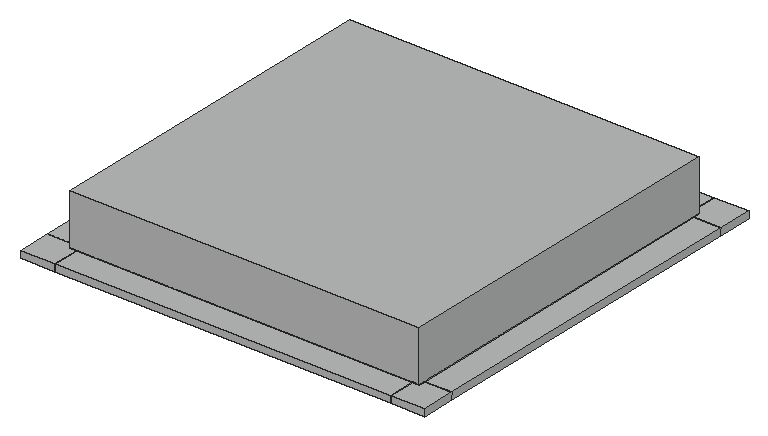
Revit family "ALUMOGIPS", category Осветительные приборы, Revit 2019 (continued)
Types (72, lengths in mm): name | Файл фотометрической сетки | built-in parameter 1150105 | Lumens | built-in parameter 1150106 | built-in parameter 1150142 | Wattage | Emit from Rectangle Width | Emit from Rectangle Length | Длина | Материал светильника | Ширина | ADSK_Ток | ADSK_Полная мощность | ADSK_Обозначение | ADSK_Номинальная мощность | ADSK_Наименование | ADSK_Масса | ADSK_Код изделия
     1400.568 1390.010 1377.085 1361.002 1342.947 1322.522 1300.026 1275.261 1248.621 1220.205 1189.817 1157.849 1124.598 1089.670 \r\n1053.460 1016.065 977.881 938.119 898.060 856.917 815.575 773.149 730.722 687.901 644.390 600.877 557.168 513.262 470.046 426.534 383.121 340.497 298.761 257.814 218.151 179.473 \r\n140.501 105.672 72.816 41.835 13.714 0.592 0.592 0.493 0.493 0.493 0.493 0.493 0.493 0.493 0.493 0.395 0.395 0.395 0.395 0.395 0.395 0.395 0.395 0.296 0.296 0.296 0.296 0.296 0.296 0.296 0.296 0.197 \r\n0.197 0.197 0.197 0.197 0.197 0.197 0.197 0.098 0.098 0.098 0.098 0.098 0.098 0.098 0.098 0.000 0.000 0.000 0.000 \r\n1417.637 1417.341 1413.986 1408.461 1400.271 1389.715 1376.789 1360.608 1342.552 1322.128 1299.632 1274.768 1248.128 1219.614 1189.224 1157.256 1123.907 1088.980 \r\n1052.868 1015.374 977.191 937.428 897.369 856.127 814.884 772.458 730.032 687.211 643.698 600.187 556.577 512.670 469.454 425.942 382.529 340.004 298.268 257.321 217.756 179.080 \r\n140.204 105.376 72.520 41.538 13.517 0.592 0.592 0.493 0.493 0.493 0.493 0.493 0.493 0.493 0.493 0.395 0.395 0.395 0.395 0.395 0.395 0.395 0.395 0.296 0.296 0.296 0.296 0.296 0.296 0.296 0.296 0.197 \r\n0.197 0.197 0.197 0.197 0.197 0.197 0.197 0.098 0.098 0.098 0.098 0.098 0.098 0.098 0.098 0.000 0.000 0.000 0.000 \r\n1417.637 1417.242 1413.789 1408.362 1400.075 1389.517 1376.394 1360.311 1342.157 1321.733 1299.138 1274.274 1247.536 1219.022 1188.632 1156.566 1123.315 1088.388 \r\n1052.177 1014.684 976.500 936.738 896.581 855.436 814.194 771.768 729.341 686.519 643.107 599.496 555.885 512.078 468.862 425.449 382.035 339.511 297.873 256.926 217.362 178.685 \r\n139.909 105.079 72.223 41.341 13.221 0.592 0.592 0.493 0.493 0.493 0.493 0.493 0.493 0.493 0.493 0.395 0.395 0.395 0.395 0.395 0.395 0.395 0.395 0.296 0.296 0.296 0.296 0.296 0.296 0.296 0.296 0.197 \r\n0.197 0.197 0.197 0.197 0.197 0.197 0.197 0.098 0.098 0.098 0.098 0.098 0.098 0.098 0.098 0.000 0.000 0.000 0.000 \r\n1417.637 1417.242 1413.690 1408.165 1399.877 1389.220 1376.098 1359.917 1341.762 1321.339 1298.645 1273.781 1247.043 1218.528 1188.041 1155.974 1122.723 1087.697 \r\n1051.487 1013.993 975.810 936.046 895.889 854.746 813.503 771.077 728.650 685.829 642.416 598.904 555.294 511.486 468.270 424.857 381.542 339.018 297.380 256.533 216.967 178.389 \r\n139.613 104.882 72.026 41.143 13.024 0.592 0.592 0.493 0.493 0.493 0.493 0.493 0.493 0.493 0.493 0.395 0.395 0.395 0.395 0.395 0.395 0.395 0.395 0.296 0.296 0.296 0.296 0.296 0.296 0.296 0.296 0.197 \r\n0.197 0.197 0.197 0.197 0.197 0.197 0.197 0.098 0.098 0.098 0.098 0.098 0.098 0.098 0.098 0.000 0.000 0.000 0.000 \r\n1417.637 1417.143 1413.592 1407.967 1399.580 1388.925 1375.803 1359.523 1341.367 1320.845 1298.250 1273.288 1246.550 1217.936 1187.448 1155.382 1122.032 1087.105 \r\n1050.894 1013.401 975.119 935.356 895.199 854.055 812.813 770.386 727.959 685.138 641.725 598.213 554.603 510.795 467.678 424.265 380.951 338.524 296.887 256.038 216.573 177.994 \r\n139.218 104.586 71.730 40.848 12.826 0.592 0.592 0.493 0.493 0.493 0.493 0.493 0.493 0.493 0.493 0.395 0.395 0.395 0.395 0.395 0.395 0.395 0.395 0.296 0.296 0.296 0.296 0.296 0.296 0.296 0.296 0.197 \r\n0.197 0.197 0.197 0.197 0.197 0.197 0.197 0.098 0.098 0.098 0.098 0.098 0.098 0.098 0.098 0.000 0.000 0.000 0.000 \r\n1417.637 1417.143 1413.492 1407.869 1399.383 1388.629 1375.506 1359.226 1340.973 1320.451 1297.757 1272.795 1246.056 1217.443 1186.856 1154.790 1121.441 1086.414 \r\n1050.204 1012.711 974.428 934.665 894.508 853.365 812.122 769.695 727.269 684.448 641.134 597.523 554.011 510.203 467.086 423.772 380.457 338.031 296.492 255.645 216.178 177.599 \r\n138.922 104.291 71.533 40.650 12.629 0.592 0.592 0.592 0.493 0.493 0.493 0.493 0.493 0.493 0.493 0.395 0.395 0.395 0.395 0.395 0.395 0.395 0.395 0.296 0.296 0.296 0.296 0.296 0.296 0.296 0.296 0.197 \r\n0.197 0.197 0.197 0.197 0.197 0.197 0.197 0.098 0.098 0.098 0.098 0.098 0.098 0.098 0.098 0.000 0.000 0.000 0.000 \r\n1417.637 1417.044 1413.394 1407.671 1399.187 1388.333 1375.111 1358.832 1340.578 1320.056 1297.264 1272.301 1245.464 1216.851 1186.264 1154.099 1120.849 1085.822 \r\n1049.513 1012.020 973.737 933.975 893.818 852.575 811.432 769.004 726.578 683.855 640.443 596.930 553.321 509.611 466.494 423.180 379.964 337.537 295.999 255.250 215.783 177.304 \r\n138.626 103.994 71.237 40.453 12.333 0.592 0.592 0.592 0.493 0.493 0.493 0.493 0.493 0.493 0.493 0.395 0.395 0.395 0.395 0.395 0.395 0.395 0.395 0.296 0.296 0.296 0.296 0.296 0.296 0.296 0.296 0.197 \r\n0.197 0.197 0.197 0.197 0.197 0.197 0.197 0.098 0.098 0.098 0.098 0.098 0.098 0.098 0.098 0.000 0.000 0.000 0.000 \r\n1417.637 1417.044 1413.295 1407.474 1398.890 1388.135 1374.815 1358.437 1340.184 1319.661 1296.869 1271.808 1244.971 1216.258 1185.673 1153.507 1120.158 1085.131 \r\n1048.823 1011.329 973.046 933.284 893.127 851.884 810.741 768.314 725.888 683.165 639.752 596.240 552.728 509.019 465.902 422.686 379.371 337.044 295.505 254.757 215.388 176.909 \r\n138.232 103.698 70.942 40.157 12.136 0.592 0.592 0.592 0.493 0.493 0.493 0.493 0.493 0.493 0.493 0.395 0.395 0.395 0.395 0.395 0.395 0.395 0.395 0.296 0.296 0.296 0.296 0.296 0.296 0.296 0.296 0.197 \r\n0.197 0.197 0.197 0.197 0.197 0.197 0.197 0.098 0.098 0.098 0.098 0.098 0.098 0.098 0.098 0.000 0.000 0.000 0.000 \r\n1417.637 1416.946 1413.197 1407.376 1398.693 1387.839 1374.520 1358.042 1339.789 1319.168 1296.376 1271.315 1244.477 1215.765 1185.179 1152.915 1119.566 1084.539 \r\n1048.230 1010.638 972.356 932.594 892.436 851.194 810.050 767.623 725.197 682.474 639.160 595.649 552.038 508.427 465.310 422.094 378.878 336.550 295.111 254.362 214.895 176.514 \r\n137.935 103.403 70.744 39.960 11.939 0.592 0.592 0.592 0.493 0.493 0.493 0.493 0.493 0.493 0.493 0.395 0.395 0.395 0.395 0.395 0.395 0.395 0.395 0.296 0.296 0.296 0.296 0.296 0.296 0.296 0.296 0.197 \r\n0.197 0.197 0.197 0.197 0.197 0.197 0.197 0.098 0.098 0.098 0.098 0.098 0.098 0.098 0.098 0.000 0.000 0.000 0.000 \r\n1417.637 1416.946 1413.098 1407.178 1398.495 1387.544 1374.223 1357.747 1339.395 1318.773 1295.882 1270.822 1243.886 1215.174 1184.587 1152.323 1118.974 1083.848 \r\n1047.540 1009.947 971.665 931.903 891.746 850.503 809.359 766.933 724.507 681.784 638.470 594.958 551.445 507.836 464.718 421.502 378.287 336.057 294.617 253.967 214.500 176.119 \r\n137.640 103.106 70.447 39.762 11.741 0.592 0.592 0.592 0.493 0.493 0.493 0.493 0.493 0.493 0.493 0.395 0.395 0.395 0.395 0.395 0.395 0.395 0.395 0.296 0.296 0.296 0.296 0.296 0.296 0.296 0.296 0.197 \r\n0.197 0.197 0.197 0.197 0.197 0.197 0.197 0.098 0.098 0.098 0.098 0.098 0.098 0.098 0.098 0.000 0.000 0.000 0.000 \r\n1417.637 1416.848 1412.999 1407.079 1398.298 1387.247 1373.829 1357.352 1339.000 1318.378 1295.488 1270.327 1243.392 1214.680 1183.995 1151.731 1118.283 1083.257 \r\n1046.849 1009.257 970.975 931.113 891.055 849.813 808.668 766.242 723.914 681.093 637.779 594.266 550.755 507.145 464.126 421.009 377.793 335.564 294.222 253.474 214.105 175.823 \r\n137.343 102.810 70.250 39.467 11.445 0.592 0.592 0.592 0.493 0.493 0.493 0.493 0.493 0.493 0.493 0.395 0.395 0.395 0.395 0.395 0.395 0.395 0.395 0.296 0.296 0.296 0.296 0.296 0.296 0.296 0.296 0.197 \r\n0.197 0.197 0.197 0.197 0.197 0.197 0.197 0.098 0.098 0.098 0.098 0.098 0.098 0.098 0.098 0.000 0.000 0.000 0.000 \r\n1417.637 1416.848 1412.901 1406.882 1398.002 1387.051 1373.533 1356.957 1338.605 1317.983 1294.994 1269.834 1242.899 1214.089 1183.403 1151.041 1117.692 1082.665 \r\n1046.257 1008.566 970.284 930.423 890.266 849.121 807.978 765.552 723.224 680.403 637.187 593.675 550.163 506.553 463.534 420.416 377.300 335.071 293.729 253.079 213.712 175.429 \r\n136.949 102.515 69.954 39.269 11.248 0.592 0.592 0.592 0.493 0.493 0.493 0.493 0.493 0.493 0.493 0.395 0.395 0.395 0.395 0.395 0.395 0.395 0.395 0.296 0.296 0.296 0.296 0.296 0.296 0.296 0.296 0.197 \r\n0.197 0.197 0.197 0.197 0.197 0.197 0.197 0.098 0.098 0.098 0.098 0.098 0.098 0.098 0.098 0.000 0.000 0.000 0.000 \r\n1417.637 1416.749 1412.802 1406.684 1397.805 1386.754 1373.237 1356.661 1338.210 1317.589 1294.599 1269.341 1242.406 1213.496 1182.811 1150.448 1117.099 1081.974 \r\n1045.566 1007.974 969.593 929.732 889.575 848.333 807.287 764.861 722.533 679.712 636.496 592.985 549.472 505.960 462.942 419.825 376.707 334.577 293.236 252.684 213.317 175.034 \r\n136.652 102.218 69.659 39.072 11.051 0.592 0.592 0.592 0.493 0.493 0.493 0.493 0.493 0.493 0.493 0.395 0.395 0.395 0.395 0.395 0.395 0.395 0.395 0.296 0.296 0.296 0.296 0.296 0.296 0.296 0.296 0.197 \r\n0.197 0.197 0.197 0.197 0.197 0.197 0.197 0.098 0.098 0.098 0.098 0.098 0.098 0.098 0.098 0.000 0.000 0.000 0.000 \r\n1417.637 1416.749 1412.704 1406.586 1397.607 1386.458 1372.941 1356.266 1337.815 1317.095 1294.106 1268.848 1241.813 1213.003 1182.219 1149.856 1116.409 1081.382 \r\n1044.876 1007.283 968.902 929.042 888.885 847.642 806.597 764.170 721.843 679.120 635.806 592.293 548.881 505.368 462.351 419.332 376.214 334.084 292.841 252.191 212.922 174.738 \r\n136.357 101.922 69.461 38.776 10.853 0.592 0.592 0.592 0.493 0.493 0.493 0.493 0.493 0.493 0.493 0.395 0.395 0.395 0.395 0.395 0.395 0.395 0.395 0.296 0.296 0.296 0.296 0.296 0.296 0.296 0.296 0.197 \r\n0.197 0.197 0.197 0.197 0.197 0.197 0.197 0.098 0.098 0.098 0.098 0.098 0.098 0.098 0.098 0.000 0.000 0.000 0.000 \r\n1417.637 1416.650 1412.604 1406.389 1397.311 1386.162 1372.546 1355.871 1337.421 1316.701 1293.613 1268.355 1241.320 1212.411 1181.627 1149.265 1115.816 1080.691 \r\n1044.284 1006.593 968.212 928.351 888.194 846.951 805.906 763.479 721.151 678.429 635.213 591.702 548.190 504.777 461.758 418.740 375.721 333.591 292.348 251.796 212.527 174.343 \r\n135.962 101.627 69.165 38.579 10.557 0.592 0.592 0.592 0.493 0.493 0.493 0.493 0.493 0.493 0.493 0.395 0.395 0.395 0.395 0.395 0.395 0.395 0.395 0.296 0.296 0.296 0.296 0.296 0.296 0.296 0.296 0.197 \r\n0.197 0.197 0.197 0.197 0.197 0.197 0.197 0.098 0.098 0.098 0.098 0.098 0.098 0.098 0.098 0.000 0.000 0.000 0.000 \r\n1417.637 1416.650 1412.506 1406.191 1397.114 1385.866 1372.250 1355.576 1337.027 1316.307 1293.218 1267.861 1240.827 1211.918 1181.035 1148.672 1115.225 1080.099 \r\n1043.593 1005.902 967.620 927.660 887.503 846.260 805.215 762.789 720.461 677.739 634.523 591.011 547.598 504.086 461.166 418.247 375.129 333.098 291.855 251.401 212.132 173.948 \r\n135.666 101.429 68.968 38.381 10.360 0.592 0.592 0.592 0.493 0.493 0.493 0.493 0.493 0.493 0.493 0.493 0.395 0.395 0.395 0.395 0.395 0.395 0.395 0.296 0.296 0.296 0.296 0.296 0.296 0.296 0.296 0.197 \r\n0.197 0.197 0.197 0.197 0.197 0.197 0.197 0.098 0.098 0.098 0.098 0.098 0.098 0.098 0.098 0.000 0.000 0.000 0.000 \r\n1417.637 1416.650 1412.407 1406.093 1396.917 1385.669 1371.954 1355.181 1336.632 1315.912 1292.725 1267.368 1240.334 1211.325 1180.443 1147.982 1114.633 1079.409 \r\n1042.903 1005.212 966.929 926.969 886.812 845.569 804.524 762.098 719.770 677.048 633.832 590.320 546.907 503.494 460.574 417.654 374.636 332.603 291.460 250.908 211.738 173.653 \r\n135.371 101.133 68.671 38.086 10.163 0.592 0.592 0.592 0.493 0.493 0.493 0.493 0.493 0.493 0.493 0.493 0.395 0.395 0.395 0.395 0.395 0.395 0.395 0.296 0.296 0.296 0.296 0.296 0.296 0.296 0.296 0.197 \r\n0.197 0.197 0.197 0.197 0.197 0.197 0.197 0.098 0.098 0.098 0.098 0.098 0.098 0.098 0.098 0.000 0.000 0.000 0.000 \r\n1417.637 1416.551 1412.309 1405.895 1396.621 1385.373 1371.559 1354.786 1336.237 1315.419 1292.232 1266.875 1239.742 1210.733 1179.851 1147.390 1113.942 1078.816 \r\n1042.310 1004.521 966.238 926.279 886.121 844.879 803.834 761.408 719.080 676.357 633.240 589.728 546.315 502.902 459.982 417.062 374.043 332.110 290.967 250.513 211.343 173.258 \r\n135.074 100.837 68.376 37.888 9.965 0.592 0.592 0.592 0.493 0.493 0.493 0.493 0.493 0.493 0.493 0.493 0.395 0.395 0.395 0.395 0.395 0.395 0.395 0.296 0.296 0.296 0.296 0.296 0.296 0.296 0.296 0.197 \r\n0.197 0.197 0.197 0.197 0.197 0.197 0.197 0.098 0.098 0.098 0.098 0.098 0.098 0.098 0.098 0.000 0.000 0.000 0.000 \r\n1417.637 1416.551 1412.111 1405.796 1396.423 1385.077 1371.264 1354.391 1335.842 1315.024 1291.837 1266.382 1239.248 1210.240 1179.259 1146.798 1113.350 1078.126 \r\n1041.620 1003.831 965.548 925.588 885.431 844.090 803.143 760.717 718.389 675.666 632.549 589.038 545.723 502.310 459.390 416.569 373.550 331.617 290.474 250.119 210.948 172.863 \r\n134.679 100.541 68.178 37.591 9.669 0.592 0.592 0.592 0.493 0.493 0.493 0.493 0.493 0.493 0.493 0.493 0.395 0.395 0.395 0.395 0.395 0.395 0.395 0.296 0.296 0.296 0.296 0.296 0.296 0.296 0.296 0.197 \r\n0.197 0.197 0.197 0.197 0.197 0.197 0.197 0.098 0.098 0.098 0.098 0.098 0.098 0.098 0.098 0.000 0.000 0.000 0.000 \r\n1417.637 1416.453 1412.013 1405.600 1396.226 1384.781 1370.968 1354.095 1335.448 1314.629 1291.344 1265.888 1238.754 1209.648 1178.667 1146.206 1112.758 1077.534 \r\n1040.929 1003.140 964.857 924.898 884.740 843.400 802.453 760.026 717.698 674.976 631.859 588.446 545.032 501.718 458.798 415.977 373.057 331.124 290.079 249.625 210.553 172.567 \r\n134.383 100.245 67.883 37.394 9.472 0.592 0.592 0.592 0.493 0.493 0.493 0.493 0.493 0.493 0.493 0.493 0.395 0.395 0.395 0.395 0.395 0.395 0.395 0.296 0.296 0.296 0.296 0.296 0.296 0.296 0.296 0.197 \r\n0.197 0.197 0.197 0.197 0.197 0.197 0.197 0.098 0.098 0.098 0.098 0.098 0.098 0.098 0.098 0.000 0.000 0.000 0.000 \r\n1417.637 1416.453 1411.914 1405.402 1395.930 1384.583 1370.671 1353.701 1335.053 1314.234 1290.850 1265.395 1238.261 1209.155 1178.075 1145.515 1112.067 1076.844 \r\n1040.239 1002.548 964.167 924.207 883.951 842.708 801.762 759.336 717.008 674.383 631.267 587.755 544.441 501.126 458.206 415.385 372.465 330.631 289.585 249.231 210.160 172.172 \r\n134.088 99.949 67.685 37.198 9.275 0.592 0.592 0.592 0.493 0.493 0.493 0.493 0.493 0.493 0.493 0.493 0.395 0.395 0.395 0.395 0.395 0.395 0.395 0.296 0.296 0.296 0.296 0.296 0.296 0.296 0.296 0.197 \r\n0.197 0.197 0.197 0.197 0.197 0.197 0.197 0.098 0.098 0.098 0.098 0.098 0.098 0.098 0.098 0.000 0.000 0.000 0.000 \r\n1417.637 1416.354 1411.816 1405.303 1395.733 1384.288 1370.276 1353.307 1334.658 1313.741 1290.456 1264.901 1237.669 1208.563 1177.582 1144.923 1111.476 1076.252 \r\n1039.646 1001.857 963.476 923.417 883.260 842.018 801.072 758.644 716.317 673.693 630.576 587.064 543.749 500.435 457.614 414.891 371.972 330.137 289.191 248.836 209.765 171.778 \r\n133.693 99.653 67.389 36.901 9.077 0.592 0.592 0.592 0.493 0.493 0.493 0.493 0.493 0.493 0.493 0.493 0.395 0.395 0.395 0.395 0.395 0.395 0.395 0.296 0.296 0.296 0.296 0.296 0.296 0.296 0.296 0.197 \r\n0.197 0.197 0.197 0.197 0.197 0.197 0.197 0.098 0.098 0.098 0.098 0.098 0.098 0.098 0.098 0.000 0.000 0.000 0.000 \r\n1417.637 1416.453 1411.914 1405.402 1395.930 1384.583 1370.671 1353.701 1335.053 1314.234 1290.850 1265.395 1238.261 1209.155 1178.075 1145.515 1112.067 1076.844 \r\n1040.239 1002.548 964.167 924.207 883.951 842.708 801.762 759.336 717.008 674.383 631.267 587.755 544.441 501.126 458.206 415.385 372.465 330.631 289.585 249.231 210.160 172.172 \r\n134.088 99.949 67.685 37.198 9.275 0.592 0.592 0.592 0.493 0.493 0.493 0.493 0.493 0.493 0.493 0.493 0.395 0.395 0.395 0.395 0.395 0.395 0.395 0.296 0.296 0.296 0.296 0.296 0.296 0.296 0.296 0.197 \r\n0.197 0.197 0.197 0.197 0.197 0.197 0.197 0.098 0.098 0.098 0.098 0.098 0.098 0.098 0.098 0.000 0.000 0.000 0.000 \r\n1417.637 1416.453 1412.013 1405.600 1396.226 1384.781 1370.968 1354.095 1335.448 1314.629 1291.344 1265.888 1238.754 1209.648 1178.667 1146.206 1112.758 1077.534 \r\n1040.929 1003.140 964.857 924.898 884.740 843.400 802.453 760.026 717.698 674.976 631.859 588.446 545.032 501.718 458.798 415.977 373.057 331.124 290.079 249.625 210.553 172.567 \r\n134.383 100.245 67.883 37.394 9.472 0.592 0.592 0.592 0.493 0.493 0.493 0.493 0.493 0.493 0.493 0.493 0.395 0.395 0.395 0.395 0.395 0.395 0.395 0.296 0.296 0.296 0.296 0.296 0.296 0.296 0.296 0.197 \r\n0.197 0.197 0.197 0.197 0.197 0.197 0.197 0.098 0.098 0.098 0.098 0.098 0.098 0.098 0.098 0.000 0.000 0.000 0.000 \r\n1417.637 1416.551 1412.111 1405.796 1396.423 1385.077 1371.264 1354.391 1335.842 1315.024 1291.837 1266.382 1239.248 1210.240 1179.259 1146.798 1113.350 1078.126 \r\n1041.620 1003.831
